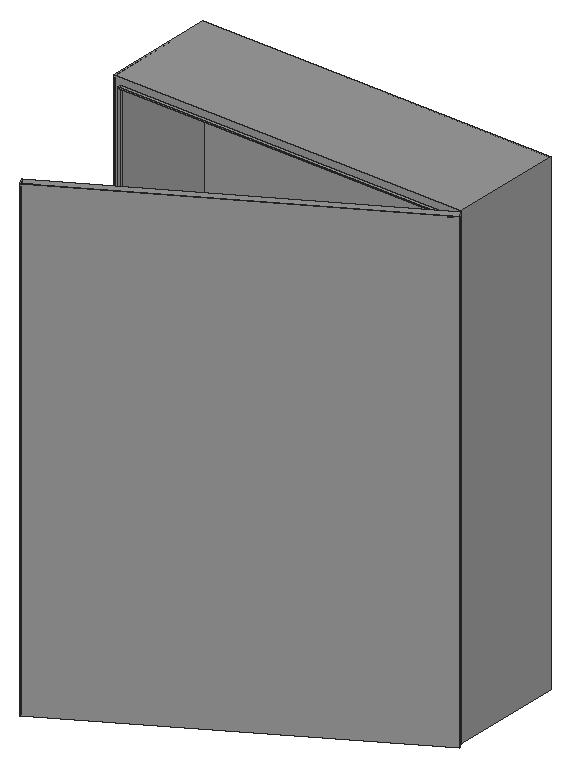
Revit family "Hager-Univers-IP55-D275-H1100-Cl.II-Steel_encl-NoHosted-PL-pl", category Electrical Equipment, Revit 2020
Family settings
  Panel Configuration = Two Columns, Circuits Across
  Round Connector Dimension = Use Diameter
  Part Type = Panelboard
  Work Plane-Based = Yes
  Always vertical = Yes
  Cut with Voids When Loaded = No
  Shared = No
  Room Calculation Point = No
Parameters (values of type "Montaż natynkowy IP55 S800 W1100 G275  - FR73S")
  Width Control [instance] = if([EF000008 - Szerokość] > Min Width, [EF000008 - Szerokość], Min Width)  # 800 mm
  Type Comments = [HG000003 - Zakres]  # "Univers"
  Thickness Door [instance] = if([EF009171 - Drzwi/pokrywa z materiału o wysokiej wytrzymałości mechanicznej] > 3 mm, 3 mm, [EF009171 - Drzwi/pokrywa z materiału o wysokiej wytrzymałości mechanicznej])  # 1.5 mm
  Seal Frame Offset [instance] = 17 mm  # constant formula
  Plinth Visibility [instance] = [HG000027 - Wysokość cokołu] > 0 mm  # no
  Min Width [instance] = 100 mm  # constant formula
  Min Depth [instance] = (2 * [EF009170 - Obudowa z materiału o wysokiej wytrzymałości mechanicznej]) + 1 mm  # 4 mm
  Min Height [instance] = 100 mm  # constant formula
  Internal Frame Depth [instance] = (Door System Depth * 0.5)  # 9 mm
  Panel Name [instance] = ""  # (empty or 0)
  Model = ""
  HG000027 - Wysokość cokołu = 0 mm
  HG000026 - Stojąca = no
  HG000024 - Wysokość części dolnej = 600 mm
  HG000023 - Obudowa dwusekcyjna = no
  HG000016 - Widoczność drzwi w widoku 3D [instance] = yes
  HG000015 - Przestrzeń robocza - otwarcie drzwi [instance] = no
  HG000014 - Drzwi prawe [instance] = yes
  HG000013 - Drzwi lewe [instance] = not([HG000014 - Drzwi prawe])  # no
  HG000012 - Kąt otwarcia drzwi [instance] = 30.00°
  HG000010 - Drzwi asymetryczne = no
  HG000009 - Drzwi dwuskrzydłowe = no
  HG000006 - Montaż podtynkowy = no
  HG000004 - Referencja producenta = "FR73S"
  HG000003 - Zakres = "Univers"
  HG000002 - Z drzwiami lub pokrywą = yes
  Frame Offset Bottom [instance] = 10 mm  # constant formula
  Frame Offset [instance] = 15 mm  # constant formula
  EF015940 - Pokrywa z wyzwalaczem nadciśnieniowym = no
  EF011959 - Stopień ochrony (NEMA) = ""
  EF009554 - Liczba otworów pod flansze = 6
  EF009212 - Wykonanie pokrywy = "EV000116 - Zamknięty"
  EF009171 - Drzwi/pokrywa z materiału o wysokiej wytrzymałości mechanicznej = 1.5 mm
  EF009170 - Obudowa z materiału o wysokiej wytrzymałości mechanicznej = 1.5 mm
  EF008873 - Prąd znamionowy (In) = 800 A
  EF007800 - Do ochrony odgromowej = no
  EF006306 - Z zamkiem = no
  EF006244 - Transparentna pokrywa/drzwi = no
  EF005474 - Stopień ochrony (IP) = "EV006420 - IP55"
  EF004464 - Rodzaj drzwi = "EV002646 - Pojedynczy"
  EF004427 - Liczba modułów = 252
  EF004293 - Odporność udarowa = "EV008784 - IK10"
  EF003532 - Do zastosowań zewnętrznych = no
  EF002950 - Szerokość wyrażona liczbą modułów = 24
  EF001613 - Podtrzymanie funkcji = "EV000494 - Brak"
  EF001596 - Materiał obudowy = "EV000179 - Stal"
  EF001131 - Głębokość wewnętrzna = 275 mm
  EF001088 - Możliwość rozbudowy = yes
  EF000437 - Liczba wejść kablowych = 6
  EF000339 - Rodzaj pokrywy = "EV004216 - Drzwi"
  EF000266 - Liczba rzędów = 7
  EF000218 - Głębokość wbudowania = 0 mm
  EF000118 - Z płytą montażową = no
  EF000116 - Numer RAL = "7035"
  EF000049 - Głębokość = 275 mm
  EF000040 - Wysokość = 1100 mm
  EF000008 - Szerokość = 800 mm
  EF000007 - Kolor = "EV000270 - Szary"
  EF000003 - Sposób montażu = "EV000384 - Montaż natynkowy"
  Door System Leaf Tolerance [instance] = 1.5 mm  # constant formula
  Door System Depth [instance] = 18 mm  # constant formula
  Door Height [instance] = Height Control - [HG000027 - Wysokość cokołu]  # 1100 mm
  Description = ""
  Default Elevation = 1219.2 mm
  Connector Offset [instance] = Height Control / 2  # 550 mm
  Manufacturer = "Hager"  # constant formula
  Height Control [instance] = if([EF000040 - Wysokość] > Min Height, [EF000040 - Wysokość], Min Height)  # 1100 mm
  Depth Control [instance] = if([EF000049 - Głębokość] > Min Depth, [EF000049 - Głębokość], Min Depth)  # 275 mm
  Bottom Top Plate Trim [instance] = 1.5 mm  # constant formula
  Plinth height Ctrl [instance] = if([HG000027 - Wysokość cokołu] > 0 mm, [HG000027 - Wysokość cokołu], 12 mm)  # 12 mm
Types (5, lengths in mm): name | Width Control | HG000010 - Drzwi asymetryczne | HG000009 - Drzwi dwuskrzydłowe | HG000004 - Referencja producenta | EF009554 - Liczba otworów pod flansze | EF004464 - Rodzaj drzwi | EF004427 - Liczba modułów | EF000437 - Liczba wejść kablowych | EF000008 - Szerokość
  Montaż natynkowy IP55 S1050 W1100 G275  - FR74S | 1050 | no | yes | "FR74S" | 8 | "EV003602 - Podwójny" | 336 | 8 | 1050
  Montaż natynkowy IP55 S1300 W1100 G275  - FR75S | 1300 | yes | yes | "FR75S" | 10 | "EV003602 - Podwójny" | 420 | 10 | 1300
  Montaż natynkowy IP55 S300 W1100 G275  - FR71S | 300 | no | no | "FR71S" | 2 | "EV002646 - Pojedynczy" | 84 | 2 | 300
  Montaż natynkowy IP55 S550 W1100 G275  - FR72S | 550 | no | no | "FR72S" | 4 | "EV002646 - Pojedynczy" | 168 | 4 | 550
  Montaż natynkowy IP55 S800 W1100 G275  - FR73S | 800 | no | no | "FR73S" | 6 | "EV002646 - Pojedynczy" | 252 | 6 | 800
Reference planes
  plane 1 "Center (Front/Back)": y = 0
  plane 2: z = 0
  plane 3 "Center (Left/Right)": x = 0
  plane 4: y = 0
  plane 5: y = 0
  plane 6: z = 0
  plane 7: x = -400
  plane 8: x = 400
  plane 9: x = 398.5
  plane 10: x = -398.5
  plane 11: z = 0
  plane 12: z = 1.5
  plane 13: y = -275
  plane 14: y = -1.5
  plane 15: x = 0
  plane 16: y = -257
  plane 17: y = -273.5
  plane 18: y = -255.5
  plane 19: x = -383.5
  plane 20: x = 383.5
  plane 21: z = 11.5
  plane 22: x = -383
  plane 23: x = 383
  plane 24: z = 0
  plane 25: z = 1100
  plane 26: z = 1100
  plane 27: z = 1083.5
  plane 28: z = 1098.5
Forms (mm)
  Extrusion 1, solid, material "Hager_Steel_RAL7035_Light_Grey", detail levels medium+fine
    sketch origin (-208.679, -4572, 0) x (-1, 0, 0) y (0, -1, 0)
      loop
        line (191.321, -4315) -> (-608.679, -4315) -> (-608.679, -4572) -> (191.321, -4572) -> (191.321, -4315)
    from 0 to 1100
  Extrusion 2, void
    sketch origin (-350.771, -275, 1219.2) x (1, 0, 0) y (0, 0, 1)
      loop
        line (-47.729, -120.7) -> (-47.729, -1217.7) -> (749.271, -1217.7) -> (749.271, -120.7) -> (-47.729, -120.7)
    from -19.5 to -273.5
  Extrusion 3, void
    sketch origin (-290.084, -257, 1219.2) x (1, 0, 0) y (0, 0, 1)
      loop
        line (-93.416, -1207.7) -> (673.584, -1207.7) -> (673.584, -135.7) -> (-93.416, -135.7) -> (-93.416, -1207.7)
    from 0 to -1.5
  Extrusion 4, solid, material "Hager_Steel_RAL7035_Light_Grey", visible <- "Plinth Visibility", detail levels medium+fine
    sketch origin (0, 0, 0) x (1, 0, 0) y (0, 1, 0)
      loop
        line (-400, 0) -> (-400, -257) -> (400, -257) -> (400, 0) -> (-400, 0)
    from 0 to 12 <- "Plinth height Ctrl"
  Extrusion 5, solid, material "Hager_Steel_RAL7035_Light_Grey", detail levels coarse
    sketch origin (0, 0, 0) x (1, 0, 0) y (0, 1, 0)
      loop
        line (-400, 0) -> (-400, -275) -> (400, -275) -> (400, 0) -> (-400, 0)
    from 0 to 1100 <- "Height Control"
  Sweep 6, void
    path in 3D
      loop
        line (-400, -257, 12) -> (400, -257, 12) -> (400, 0, 12) -> (-400, 0, 12) -> (-400, -257, 12)
    profile origin (-400, -128.5, 12) x (1, 0, 0) y (0, 0, 1)
      loop
        line (0, 0) -> (0, -1.5) -> (1.5, -1.5)
        arc (1.5, -1.5) -> (1.061, -0.439) -> (0, 0) r 1.5
  Extrusion 7, solid, material "Hager_Steel_RAL7035_Light_Grey", detail levels fine
    sketch origin (-400, -257, 0) x (1, 0, 0) y (0, 0, 1)
      loop
        line (16.5, 11.5) -> (783.5, 11.5) -> (783.5, 1083.5) -> (16.5, 1083.5) -> (16.5, 11.5)
      loop
        line (15, 10) -> (785, 10) -> (785, 1085) -> (15, 1085) -> (15, 10)
    from 0 to 9 <- "Internal Frame Depth"
Cuts and joins
  Extrusion 2, Extrusion 3 cuts Extrusion 1
  Sweep 6 cuts Extrusion 4
Lines and regions (mm)
  Masking region 1
    outline origin (0, 0, 0) x (1, 0, 0) y (0, 1, 0)
      loop
        line (-400, 0) -> (-400, -275) -> (400, -275) -> (400, 0) -> (-400, 0)
  Masking region 2, detail levels coarse
    outline origin (-290.084, -257, 1219.2) x (-1, 0, 0) y (0, 0, 1)
      loop
        line (-690.084, -1219.2) -> (109.916, -1219.2) -> (109.916, -119.2) -> (-690.084, -119.2) -> (-690.084, -1219.2)
  Masking region 3, detail levels coarse
    outline origin (0, 0, 0) x (0, 1, 0) y (0, 0, 1)
      loop
        line (0, 0) -> (0, 1100) -> (-275, 1100) -> (-275, 0) -> (0, 0)
  Masking region 4, visible <- "Plinth Visibility", detail levels medium+fine
    outline origin (0, 0, 0) x (0, 1, 0) y (0, 0, 1)
      loop
        line (-1.5, 12) -> (-255.5, 12)
        arc (-255.5, 12) -> (-255.939, 10.939) -> (-257, 10.5) r 1.5
        line (-257, 10.5) -> (-257, 0) -> (0, 0) -> (0, 10.5)
        arc (0, 10.5) -> (-1.061, 10.939) -> (-1.5, 12) r 1.5
  Masking region 5, detail levels medium+fine
    outline origin (0, 0, 594.038) x (0, 1, 0) y (0, 0, 1)
      loop
        line (0, -594.038) -> (0, 505.962) -> (-257, 505.962) -> (-257, -594.038) -> (0, -594.038)
  Masking region 6, detail levels medium+fine
    outline origin (-359.7, -257, 1211.883) x (-1, 0, 0) y (0, 0, 1)
      loop
        line (-759.7, -1211.883) -> (40.3, -1211.883) -> (40.3, -111.883) -> (-759.7, -111.883) -> (-759.7, -1211.883)
  Masking region 7, visible <- "Plinth Visibility", detail levels medium+fine
    outline origin (-320.334, -257, 1041.368) x (-1, 0, 0) y (0, 0, 1)
      loop
        line (-720.334, -1041.368) -> (79.666, -1041.368) -> (79.666, -1030.868)
        arc (79.666, -1030.868) -> (78.606, -1030.429) -> (78.166, -1029.368) r 1.5
        line (78.166, -1029.368) -> (-718.834, -1029.368)
        arc (-718.834, -1029.368) -> (-719.273, -1030.429) -> (-720.334, -1030.868) r 1.5
        line (-720.334, -1030.868) -> (-720.334, -1041.368)
  sketch lines
    curve 1: line (-400, 0, 12) -> (-400, -257, 12)
    curve 2: line (-400, -257, 12) -> (400, -257, 12)
    curve 3: line (400, 0, 12) -> (-400, 0, 12)
    curve 4: line (400, -257, 12) -> (400, 0, 12)
Dimensions and locks
  locked: plane 1 "Center (Front/Back)" to plane 5
  "EF009170 - Obudowa z materiału o wysokiej wytrzymałości mechanicznej": plane 7 to plane 10
  "EF009170 - Obudowa z materiału o wysokiej wytrzymałości mechanicznej": plane 8 to plane 9
  equal spacing: plane 7, plane 3 "Center (Left/Right)", plane 8
  "Width Control": plane 7 to plane 8
  "Depth Control": plane 4 to plane 13
  "EF009170 - Obudowa z materiału o wysokiej wytrzymałości mechanicznej": plane 4 to plane 14
  "Height Control": plane 25 to level
  "HG000027 - Wysokość cokołu": plane 11 to level
  "EF009170 - Obudowa z materiału o wysokiej wytrzymałości mechanicznej": plane 12 to plane 11
  "EF009170 - Obudowa z materiału o wysokiej wytrzymałości mechanicznej": plane 17 to plane 13
  "EF009170 - Obudowa z materiału o wysokiej wytrzymałości mechanicznej": plane 18 to plane 16
  "Frame Offset Bottom": plane 21 to plane 12
  "Frame Offset": plane 10 to plane 19
  "Frame Offset": plane 9 to plane 20
  "Door System Depth": plane 16 to plane 13
  "Seal Frame Offset": plane 7 to plane 22
  "Seal Frame Offset": plane 8 to plane 23
  "EF009170 - Obudowa z materiału o wysokiej wytrzymałości mechanicznej": plane 26 to plane 28
  "Frame Offset": plane 28 to plane 27
  "Connector Offset": plane 2 to connector elem
  "Bottom Top Plate Trim": profile plane to Sweep 6 sketch curve
  "Bottom Top Plate Trim": Sweep 6 sketch curve to Sweep 6 sketch curve
  "Plinth height Ctrl": Masking region 4 sketch curve to level
  "Plinth height Ctrl": Masking region 7 sketch curve to level
  "Thickness Door": Extrusion 7 sketch curve to Extrusion 7 sketch curve  (x4)
  "Bottom Top Plate Trim": radius of Sweep 6 sketch curve
  "Bottom Top Plate Trim": radius of Masking region 4 sketch curve  (x2)
  "Bottom Top Plate Trim": radius of Masking region 7 sketch curve  (x2)
  aligned and locked: Extrusion 2 sketch curve to plane 12
  aligned and locked: Extrusion 2 sketch curve to plane 9
  aligned and locked: Extrusion 2 sketch curve to plane 10
  aligned and locked: Extrusion 2 to plane 14
  aligned and locked: Extrusion 1 sketch curve to plane 4
  aligned and locked: plane 8 to Extrusion 1 sketch curve
  aligned and locked: plane 7 to Extrusion 1 sketch curve
  aligned and locked: Extrusion 2 to plane 18
  aligned and locked: Extrusion 3 sketch curve to plane 19
  aligned and locked: plane 20 to Extrusion 3 sketch curve
  aligned and locked: Extrusion 3 to Extrusion 2
  aligned and locked: Extrusion 3 sketch curve to plane 21
  aligned and locked: plane 3 "Center (Left/Right)" to nested 1
  aligned and locked: Extrusion 1 sketch curve to plane 16
  aligned and locked: Extrusion 4 sketch curve to cut or joined group of Extrusion 1, Extrusion 2, Extrusion 3
  aligned and locked: Masking region 1 sketch curve to plane 7
  aligned and locked: Masking region 1 sketch curve to plane 5
  aligned and locked: Masking region 1 sketch curve to plane 8
  aligned and locked: Masking region 2 sketch curve to level
  aligned and locked: level to Masking region 3 sketch curve
  aligned and locked: plane 1 "Center (Front/Back)" to Masking region 3 sketch curve
  aligned and locked: plane 13 to Masking region 3 sketch curve
  aligned and locked: plane 5 to Masking region 4 sketch curve
  aligned and locked: Masking region 2 sketch curve to plane 8
  aligned and locked: Masking region 2 sketch curve to plane 7
  aligned and locked: plane 7 to nested 2
  aligned and locked: nested 2 to plane 5
  aligned and locked: plane 5 to Masking region 5 sketch curve
  aligned and locked: plane 26 to Masking region 5 sketch curve
  aligned and locked: Extrusion 5 sketch curve to plane 8
  aligned and locked: Extrusion 5 sketch curve to plane 7
  aligned and locked: Extrusion 5 sketch curve to plane 5
  aligned and locked: Extrusion 3 sketch curve to plane 27
  aligned and locked: Extrusion 2 sketch curve to plane 28
  aligned and locked: Masking region 2 to plane 25
  aligned and locked: Extrusion 4 to plane 16
  aligned and locked: profile plane to Sweep 6 sketch curve
  aligned and locked: Masking region 5 sketch curve to plane 24
  aligned and locked: level to Masking region 4 sketch curve
  aligned and locked: Masking region 1 to plane 13
  aligned and locked: nested 1 to plane 16
  aligned and locked: Masking region 3 to plane 25
  aligned and locked: plane 16 to Masking region 4 sketch curve
  aligned and locked: Masking region 5 sketch curve to plane 16
  aligned and locked: plane 24 to plane 11
  aligned and locked: plane 26 to plane 25
  aligned and locked: plane 26 to cut or joined group of Extrusion 1, Extrusion 2, Extrusion 3
  aligned and locked: nested 1 to plane 24
  aligned and locked: Extrusion 1 to Extrusion 3
  aligned and locked: Masking region 6 sketch curve to plane 8
  aligned and locked: Masking region 6 sketch curve to plane 24
  aligned and locked: Masking region 6 sketch curve to plane 7
  aligned and locked: Masking region 6 sketch curve to plane 26
  aligned and locked: Masking region 7 sketch curve to plane 7
  aligned and locked: level to Masking region 7 sketch curve
  aligned and locked: Masking region 7 sketch curve to plane 8
  aligned and locked: Extrusion 7 sketch curve to cut or joined group of Extrusion 1, Extrusion 2, Extrusion 3  (x4)
Automatic sketch dimensions
  plane 19 to Extrusion 3 sketch curve = 0 mm
  Extrusion 3 sketch curve to plane 20 = 0 mm
  Extrusion 3 sketch curve to plane 21 = 0 mm
  Extrusion 4 sketch curve to plane 7 = 0 mm
  Extrusion 4 sketch curve to plane 8 = 0 mm
  Extrusion 4 sketch curve to plane 16 = 0 mm
  Masking region 1 sketch curve to plane 13 = 0 mm
  Masking region 2 sketch curve to plane 25 = 0 mm
  Masking region 3 sketch curve to plane 25 = 0 mm
  Extrusion 5 sketch curve to plane 13 = 0 mm
  profile plane to Sweep 6 sketch curve = 0 mm
Nested families
  nested 1: "EC000058_Univers_Door" at (0, -257, 0), Double <- "HG000009 - Drzwi dwuskrzydłowe", Transparent <- "EF006244 - Transparentna pokrywa/drzwi", Angle <- "HG000012 - Kąt otwarcia drzwi", Door_Right <- "HG000014 - Drzwi prawe", Assymetrical <- "HG000010 - Drzwi asymetryczne", Door <- "HG000002 - Z drzwiami lub pokrywą", Width_Ctrl <- "Width Control", 3d_Door <- "HG000016 - Widoczność drzwi w widoku 3D", Clearance <- "HG000015 - Przestrzeń robocza - otwarcie drzwi", Door_Left <- "HG000013 - Drzwi lewe", Width <- "Width Control", Door_Depth <- "Door System Depth", Leaf_Tolerance <- "Door System Leaf Tolerance", Height <- "Door Height", Lock_Visibility <- "EF006306 - Z zamkiem", Thickness <- "Thickness Door", type "EC000058_Univers_Door", detail levels medium+fine
    with min_wh 4 mm, Width_Ctrl 800 mm, Width 800 mm, Transparent no, Thickness 1.5 mm, Seal_Material Hager_Rubber, Lock_Visibility no, Lock_Material Hager_Plastic_RAL9005_Jet_Black, Leaf_Width 800 mm, Leaf_Tolerance_External_Sides 0 mm, Leaf_Tolerance 1.5 mm, Leaf_Offset 0 mm, Leaf_Height 1097 mm, Leaf_2_Width 800 mm, Leaf_2_Offset 400 mm, Leaf_1_Width 800 mm, Leaf_1_Offset 400 mm, Height_Ctrl 1100 mm, Height 1100 mm, Glass_Material Hager_Glass, Double_Clearance_Ctrl no, Double no, Door_Right_Ctrl yes, Door_Right yes, Door_Material Hager_Steel_RAL7035_Light_Grey, Door_Left_Ctrl no, Door_Left no, Door_Depth 18 mm, Door yes, Clearance_Material Hager_Clearance, Clearance_Depth 800 mm, Clearance_Ctrl no, Clearance no, Assymetrical no, Angle 30.00°, 3d_Door yes
  nested 2: "Hager_Enclosure_Symbol" at (-400, 0, 0), Height <- "Depth Control", Width <- "Width Control", type "Hager_Enclosure_Symbol"
    with Width_Ctrl 800 mm, Width 800 mm, Height_Ctrl 275 mm, Height 275 mm, A_Width_Int 18.047 mm, A_Width 216.562 mm, A_Height_Ctrl 240.625 mm, A_Height 240.625 mm
Connectors
  electrical at (0, 0, 550)
    settings: on plane 1 "Center (Front/Back)", index 1, voltage 0 V, apparent load 0 VA, apparent load phase1 0 VA, apparent load phase2 0 VA, apparent load phase3 0 VA, power factor 1, load classification "Other", number of poles 1, system type 30, power factor state 1, is connector primary yes, connector utility no, sub classification motor no, connector description ""
Definition of nested family "EC000058_Univers_Door"
  Parameters (values of type "EC000058_Univers_Door")
    min_wh [instance] = (2 * Thickness) + 1 mm  # 11 mm
    Width_Ctrl [instance] = 400 mm
    Width [instance] = 500 mm
    Transparent [instance] = yes
    Thickness [instance] = 5 mm
    Seal_Material [instance] = none
    Lock_Visibility [instance] = yes
    Lock_Material [instance] = none
    Leaf_Width [instance] = if((Width_Ctrl - 2 * Leaf_Tolerance_External_Sides) > 0 mm, (Width_Ctrl - 2 * Leaf_Tolerance_External_Sides), min_wh)  # 400 mm
    Leaf_Tolerance_External_Sides [instance] = 0 mm  # constant formula
    Leaf_Tolerance [instance] = 1.5 mm
    Leaf_Offset [instance] = 0 mm  # constant formula
    Leaf_Height [instance] = if((Height_Ctrl - 2 * Leaf_Tolerance) > 0 mm, (Height_Ctrl - 2 * Leaf_Tolerance), min_wh)  # 497 mm
    Leaf_2_Width [instance] = if(and(and(Double, Assymetrical), Door_Left), (Leaf_Width / 3) - (Leaf_Tolerance / 2), if(and(and(Double, Assymetrical), Door_Right), (Leaf_Width / 3) * 2 - (Leaf_Tolerance / 2), if(and(Double, not(Assymetrical)), (Leaf_Width / 2) - Leaf_Tolerance, Leaf_Width)))  # 400 mm
    Leaf_2_Offset [instance] = if(and(Double, Assymetrical), Leaf_2_Width / 2, if(and(Double, not(Assymetrical)), Leaf_Width / 4, Leaf_Width / 2))  # 200 mm
    Leaf_1_Width [instance] = if(and(and(Double, Assymetrical), Door_Right), (Leaf_Width / 3) - (Leaf_Tolerance / 2), if(and(and(Double, Assymetrical), Door_Left), (Width / 3) * 2 - (Leaf_Tolerance / 2), if(and(Double, not(Assymetrical)), (Leaf_Width / 2) - Leaf_Tolerance, Leaf_Width)))  # 400 mm
    Leaf_1_Offset [instance] = if(and(Double, Assymetrical), Leaf_1_Width / 2, if(and(Double, not(Assymetrical)), Leaf_Width / 4, Leaf_Width / 2))  # 200 mm
    Height_Ctrl [instance] = if(Height > min_wh, Height, min_wh)  # 500 mm
    Height [instance] = 500 mm
    Glass_Material [instance] = none
    Double_Clearance_Ctrl [instance] = and(Double, Clearance)  # no
    Double [instance] = no
    Door_Right_Ctrl [instance] = and(or(Door_Right, Double), Door)  # yes
    Door_Right [instance] = yes
    Door_Material [instance] = none
    Door_Left_Ctrl [instance] = and(or(Door_Left, Double), Door)  # no
    Door_Left [instance] = no
    Door_Depth [instance] = 30 mm
    Door [instance] = yes
    Default Elevation = 1219.2 mm
    Clearance_Material [instance] = none
    Clearance_Depth [instance] = if(Leaf_1_Width > Leaf_2_Width, Leaf_1_Width, Leaf_2_Width)  # 400 mm
    Clearance_Ctrl [instance] = and(not(Double), Clearance)  # yes
    Clearance [instance] = yes
    Assymetrical [instance] = yes
    Angle [instance] = 30.00°
    3d_Door [instance] = yes
  Reference planes
    plane 1 "Center (Front/Back)": y = 0
    plane 2 "Bottom": z = 0
    plane 3 "Center (Left/Right)": x = 0
    plane 4: z = 500
    plane 5: x = -200
    plane 6: x = 200
    plane 7: z = 500
    plane 8: x = -200
    plane 9: z = 0
    plane 10: x = 200
    plane 11: y = 0
    plane 12: z = 1.5
    plane 13: x = -600
    plane 14: y = -400
    plane 15: x = 600
    plane 16: x = 0
    plane 17: x = 0
    plane 18: x = -200
    plane 19: x = 200
    plane 20: z = 498.5
  Forms (mm)
    Extrusion 1, solid, material <- "Clearance_Material", visible <- "Double_Clearance_Ctrl"
      sketch origin (1200, 0, 0) x (1, 0, 0) y (0, 0, -1)
        loop
          line (-1800, -498.5) -> (-600, -498.5) -> (-600, 0) -> (-1800, 0) -> (-1800, -498.5)
      from 0 to -400
  Dimensions and locks
    equal spacing: plane 5, plane 3 "Center (Left/Right)", plane 6
    "Width_Ctrl": plane 5 to plane 6
    "Leaf_Offset": plane 5 to plane 8
    "Leaf_Offset": plane 6 to plane 10
    "Leaf_Offset": plane 9 to level
    "Leaf_Offset": plane 4 to plane 7
    "Height_Ctrl": plane 4 to level
    "Leaf_Tolerance": plane 12 to plane 9
    locked: plane 11 to plane 1 "Center (Front/Back)"
    "Leaf_1_Offset": plane 18 to plane 16
    "Leaf_2_Offset": plane 17 to plane 19
    "Leaf_1_Width": plane 13 to plane 8
    "Leaf_2_Width": plane 10 to plane 15
    "Clearance_Depth": plane 14 to plane 1 "Center (Front/Back)"
    "Leaf_Tolerance_External_Sides": plane 8 to plane 18
    "Leaf_Tolerance_External_Sides": plane 19 to plane 10
    "Leaf_Tolerance": plane 7 to plane 20
    aligned and locked: level to plane 2 "Bottom"
    aligned and locked: nested 1 to plane 16
    aligned and locked: nested 2 to plane 17
    aligned and locked: Extrusion 1 to plane 13
    aligned and locked: plane 15 to Extrusion 1
    aligned and locked: Extrusion 1 to plane 14
    aligned and locked: plane 12 to nested 1
    aligned and locked: nested 2 to plane 12
    aligned and locked: Extrusion 1 to plane 11
    aligned and locked: plane 20 to Extrusion 1
    aligned and locked: nested 2 to plane 11
    aligned and locked: nested 1 to plane 11
  Automatic sketch dimensions
    Extrusion 1 sketch curve to level = 0 mm
    plane 5 to Extrusion 1 sketch curve = 400 mm
    plane 6 to Extrusion 1 sketch curve = 400 mm
    Extrusion 1 sketch curve to plane 4 = 1.5 mm
  Nested families
    nested 1: "EC000058_Univers_Door_Leaf" at (0, 0, 1.5), Width <- "Leaf_1_Width", visible <- "Door_Left_Ctrl", Leaf_Height <- "Leaf_Height", Angle <- "Angle", 3d_Door <- "3d_Door", Transparent <- "Transparent", Clearance Material <- "Clearance_Material", Clearance <- "Clearance_Ctrl", Door_Material <- "Door_Material", Glass_Material <- "Glass_Material", Door_Depth <- "Door_Depth", Lock_Material <- "Lock_Material", Seal_Material <- "Seal_Material", Lock_Visibility <- "Lock_Visibility", Thickness <- "Thickness", type "EC000058_Univers_Door_Leaf"
      with Width 400 mm, Transparent_Glass_Offset 30 mm, Transparent_Ctrl yes, Transparent yes, Thickness 5 mm, Standard no, Seal_Material none, Seal_D2 8 mm, Seal_D1 1 mm, Offset_Internal_Frame 10 mm, Lock_Width 20 mm, Lock_Visibility_3d yes, Lock_Visibility yes, Lock_Thickness_3 3 mm, Lock_Thickness_2 1 mm, Lock_Thickness_1 3 mm, Lock_Radius_Offset_2 16 mm, Lock_Radius_Offset_1 15 mm, Lock_Radius_2 5 mm, Lock_Radius 6 mm, Lock_Offset 5 mm, Lock_Material none, Lock_Height 80 mm, Lock_Cover_Top_Offset_2d 17 mm, Lock_Cover_Height -65 mm, Leaf_Height 497 mm, Internal_Seal_Thickness 8 mm, Internal_Seal_Depth_2 4.5 mm, Internal_Frame_Depth 25 mm, Glass_Thickness -1 mm, Glass_Offset -2 mm, Glass_Material none, Door_Material none, Door_Depth 30 mm, Clearance Material none, Clearance yes, Angle_Ctrl 30.00°, Angle 30.00°, 3d_Door yes
    nested 2: "EC000058_Univers_Door_Leaf" at (0, 0, 1.5) x (-1, 0, 0) z (0, 0, 1), Width <- "Leaf_2_Width", visible <- "Door_Right_Ctrl", Leaf_Height <- "Leaf_Height", Angle <- "Angle", 3d_Door <- "3d_Door", Transparent <- "Transparent", Clearance Material <- "Clearance_Material", Clearance <- "Clearance_Ctrl", Door_Material <- "Door_Material", Glass_Material <- "Glass_Material", Door_Depth <- "Door_Depth", Lock_Material <- "Lock_Material", Seal_Material <- "Seal_Material", Lock_Visibility <- "Lock_Visibility", Thickness <- "Thickness", type "EC000058_Univers_Door_Leaf"
      with Width 400 mm, Transparent_Glass_Offset 30 mm, Transparent_Ctrl yes, Transparent yes, Thickness 5 mm, Standard no, Seal_Material none, Seal_D2 8 mm, Seal_D1 1 mm, Offset_Internal_Frame 10 mm, Lock_Width 20 mm, Lock_Visibility_3d yes, Lock_Visibility yes, Lock_Thickness_3 3 mm, Lock_Thickness_2 1 mm, Lock_Thickness_1 3 mm, Lock_Radius_Offset_2 16 mm, Lock_Radius_Offset_1 15 mm, Lock_Radius_2 5 mm, Lock_Radius 6 mm, Lock_Offset 5 mm, Lock_Material none, Lock_Height 80 mm, Lock_Cover_Top_Offset_2d 17 mm, Lock_Cover_Height -65 mm, Leaf_Height 497 mm, Internal_Seal_Thickness 8 mm, Internal_Seal_Depth_2 4.5 mm, Internal_Frame_Depth 25 mm, Glass_Thickness -1 mm, Glass_Offset -2 mm, Glass_Material none, Door_Material none, Door_Depth 30 mm, Clearance Material none, Clearance yes, Angle_Ctrl 30.00°, Angle 30.00°, 3d_Door yes
  Definition of nested family "EC000058_Univers_Door_Leaf"
    Parameters (values of type "EC000058_Univers_Door_Leaf")
      Width [instance] = 2000 mm
      Transparent_Glass_Offset [instance] = 30 mm
      Transparent_Ctrl [instance] = and(Transparent, [3d_Door])  # yes
      Transparent [instance] = yes
      Thickness [instance] = 5 mm
      Standard [instance] = and(not(Transparent), [3d_Door])  # no
      Seal_Material [instance] = none
      Seal_D2 [instance] = 8 mm  # constant formula
      Seal_D1 [instance] = 1 mm  # constant formula
      Offset_Internal_Frame [instance] = 10 mm  # constant formula
      Lock_Width [instance] = 20 mm  # constant formula
      Lock_Visibility_3d [instance] = and(Lock_Visibility, [3d_Door])  # yes
      Lock_Visibility [instance] = yes
      Lock_Thickness_3 [instance] = 3 mm  # constant formula
      Lock_Thickness_2 [instance] = 1 mm  # constant formula
      Lock_Thickness_1 [instance] = 3 mm  # constant formula
      Lock_Radius_Offset_2 [instance] = Lock_Radius_Offset_1 + 1 mm  # 16 mm
      Lock_Radius_Offset_1 [instance] = 15 mm  # constant formula
      Lock_Radius_2 [instance] = Lock_Radius - 1 mm  # 5 mm
      Lock_Radius [instance] = 6 mm  # constant formula
      Lock_Offset [instance] = 5 mm  # constant formula
      Lock_Material [instance] = none
      Lock_Height [instance] = 80 mm  # constant formula
      Lock_Cover_Top_Offset_2d [instance] = Lock_Radius_Offset_2 + 1 mm  # 17 mm
      Lock_Cover_Height [instance] = -(Lock_Height - Lock_Radius_Offset_1)  # -65 mm
      Leaf_Height [instance] = 2720.336 mm
      Internal_Seal_Thickness [instance] = 8 mm  # constant formula
      Internal_Seal_Depth_2 [instance] = 4.5 mm  # constant formula
      Internal_Frame_Depth [instance] = if(Door_Depth - Thickness > 5 mm, Door_Depth - Thickness, 5 mm)  # 25 mm
      Glass_Thickness [instance] = if(Thickness > 15 mm, Glass_Offset + 10 mm, -1 mm)  # -1 mm
      Glass_Offset [instance] = if(Thickness > 15 mm, -(Thickness + 10 mm) / 2, -2 mm)  # -2 mm
      Glass_Material [instance] = none
      Door_Material [instance] = none
      Door_Depth [instance] = 30 mm
      Default Elevation = 0 mm
      Clearance Material [instance] = none
      Clearance [instance] = yes
      Angle_Ctrl [instance] = if(Angle > 180.00°, 180.00°, Angle)  # 90.00°
      Angle [instance] = 90.00°
      3d_Door [instance] = yes
    Reference planes
      plane 1 "Center (Front/Back)": y = 0
      plane 2: z = 0
      plane 3 "Center (Left/Right)": x = 0
      plane 4: y = 2000
      plane 5: x = -1000
      plane 6: x = 1000
      plane 7: x = -3000
      plane 8: z = 2720.336
      plane 9: z = 30
      plane 10: z = 2690.336
      plane 11: x = 970
      plane 12: x = -970
      plane 13: y = -3
      plane 14: z = 107.833
      plane 15: y = -5
      plane 16: y = -223.314
      plane 17: x = -1000
      plane 18: z = 1360.168
      plane 19: y = 30
    Forms (mm)
      Extrusion 1, solid, material <- "Clearance Material", visible <- "Clearance"
        sketch origin (0, 0, 0) x (1, 0, 0) y (0, 0, 1)
          loop
            line (-3000, 2720.336) -> (-3000, 0) -> (1000, 0) -> (1000, 2720.336) -> (-3000, 2720.336)
        from 0 to -2000
      Extrusion 2, solid, material <- "Door_Material", visible <- "Standard", detail levels medium+fine
        sketch origin (-1000, 0, 0) x (0, 1, 0) y (-1, 0, 0)
          loop
            line (0, 30) -> (0, 25) -> (2000, 25) -> (2000, 30) -> (0, 30)
        from 0 to 2720.336 <- "Leaf_Height"
      Extrusion 3, solid, material <- "Door_Material", visible <- "Transparent_Ctrl", detail levels medium+fine
        sketch origin (-1000, 0, 0) x (0, 1, 0) y (-1, 0, 0)
          loop
            line (0, 25) -> (2000, 25) -> (2000, 30) -> (0, 30) -> (0, 25)
        from 0 to 2720.336 <- "Leaf_Height"
      Extrusion 4, void
        sketch origin (-1025, 2000, 0) x (0, 1, 0) y (0, 0, -1)
          loop
            line (-30, -2690.336) -> (-30, -30) -> (-1970, -30) -> (-1970, -2690.336) -> (-30, -2690.336)
        from 0 to 5 <- "Thickness"
      Sweep 5, solid, material <- "Seal_Material", visible <- "Transparent_Ctrl", detail levels fine
        path in 3D
          loop
            line (-1025, 30, 30) -> (-1025, 30, 2690.336) -> (-1025, 1970, 2690.336) -> (-1025, 1970, 30) -> (-1025, 30, 30)
        profile origin (-1025, 1000, 30) x (1, 0, 0) y (0, 0, 1)
          loop
            line (0, 0) -> (0, -8) -> (1, -8) -> (1, 0) -> (0, 0)
      Extrusion 6, solid, material <- "Glass_Material", visible <- "Transparent_Ctrl", detail levels medium+fine
        sketch origin (-1030, 0, 0) x (0, 1, 0) y (0, 0, -1)
          loop
            line (1970, -2690.336) -> (1970, -30) -> (30, -30) -> (30, -2690.336) -> (1970, -2690.336)
        from -2 <- "Glass_Offset" to -1 <- "Glass_Thickness"
      Extrusion 7, solid, material <- "Door_Material", visible <- "3d_Door", detail levels medium+fine
        sketch origin (-1025, 2000, 0) x (0, -1, 0) y (0, 0, -1)
          loop
            line (0, -2720.336) -> (2000, -2720.336) -> (2000, 0) -> (0, 0) -> (0, -2720.336)
          loop
            line (1995, -5) -> (5, -5) -> (5, -2715.336) -> (1995, -2715.336) -> (1995, -5)
        from 0 to 25 <- "Internal_Frame_Depth"
      Sweep 8, solid, material <- "Seal_Material", visible <- "Transparent_Ctrl", detail levels fine
        path in 3D
          loop
            line (-1025, 0, 0) -> (-1025, 2000, 0) -> (-1025, 2000, 2720.336) -> (-1025, 0, 2720.336) -> (-1025, 0, 0)
        profile origin (-1025, 0, 1360.168) x (1, 0, 0) y (0, 1, 0)
          loop
            line (0, 10) -> (2.975, 10)
            arc (2.975, 10) -> (4.053, 10.447) -> (4.5, 11.525) r 1.525
            line (4.5, 11.525) -> (4.5, 16.527)
            arc (4.5, 16.527) -> (4.069, 17.569) -> (3.027, 18) r 1.473
            line (3.027, 18) -> (0, 18) -> (0, 10)
      Extrusion 9, solid, material <- "Lock_Material", visible <- "Lock_Visibility_3d", detail levels fine
        sketch origin (-1030, 0, 0) x (0, 1, 0) y (0, 0, -1)
          loop
            arc (1993.5, -1400.168) -> (1994.561, -1399.729) -> (1995, -1398.668) r 1.5
            line (1995, -1398.668) -> (1995, -1320.168) -> (1975, -1320.168) -> (1975, -1398.668)
            arc (1975, -1398.668) -> (1975.439, -1399.729) -> (1976.5, -1400.168) r 1.5
            line (1976.5, -1400.168) -> (1993.5, -1400.168)
        from 3 <- "Lock_Thickness_1" to 0
      Blend 10, solid, material <- "Lock_Material", visible <- "Lock_Visibility_3d", detail levels fine
        base sketch origin (-1033, 0, 0) x (0, 1, 0) y (0, 0, -1)
          loop
            line (1975, -1320.168) -> (1975, -1398.668)
            arc (1975, -1398.668) -> (1975.439, -1399.729) -> (1976.5, -1400.168) r 1.5
            line (1976.5, -1400.168) -> (1993.5, -1400.168)
            arc (1993.5, -1400.168) -> (1994.561, -1399.729) -> (1995, -1398.668) r 1.5
            line (1995, -1398.668) -> (1995, -1320.168) -> (1975, -1320.168)
        top sketch origin (-1033, 0, 0) x (0, 1, 0) y (0, 0, -1)
          loop
            line (1976, -1320.168) -> (1976, -1398.668)
            arc (1976, -1398.668) -> (1976.146, -1399.022) -> (1976.5, -1399.168) r 0.5
            line (1976.5, -1399.168) -> (1993.5, -1399.168)
            arc (1993.5, -1399.168) -> (1993.854, -1399.022) -> (1994, -1398.668) r 0.5
            line (1994, -1398.668) -> (1994, -1320.168) -> (1976, -1320.168)
        from 0 to 1 <- "Lock_Thickness_2"
      Blend 11, solid, material <- "Lock_Material", visible <- "Lock_Visibility_3d", detail levels fine
        base sketch origin (-1034, 0, 0) x (0, 1, 0) y (0, 0, -1)
          loop
            line (1978, -1320.168) -> (1978, -1384.168)
            arc (1978, -1384.168) -> (1985, -1391.168) -> (1992, -1384.168) r 7
            line (1992, -1384.168) -> (1992, -1320.168) -> (1978, -1320.168)
        top sketch origin (-1034, 0, 0) x (0, 1, 0) y (0, 0, -1)
          loop
            line (1991, -1320.168) -> (1979, -1320.168) -> (1979, -1383.168)
            arc (1979, -1383.168) -> (1985, -1389.168) -> (1991, -1383.168) r 6
            line (1991, -1383.168) -> (1991, -1320.168)
        from 0 to 3 <- "Lock_Thickness_3"
      Extrusion 12, solid, material <- "Lock_Material", visible <- "Lock_Visibility_3d", detail levels fine
        sketch origin (-1030, 1975, 1320.168) x (1, 0, 0) y (0, -1, 0)
          loop
            line (-7, -19) -> (-7, -1) -> (0, -1) -> (0, 0) -> (-8, 0) -> (-8, -20) -> (0, -20) -> (0, -19) -> (-7, -19)
        from 0 to -65 <- "Lock_Cover_Height"
      Extrusion 13, void
        sketch origin (-1038, 1995, 1320.168) x (-1, 0, 0) y (0, 0, -1)
          loop
            line (-5, -65) -> (0, -65) -> (-5, -60) -> (-5, -65)
        from 0 to 20 <- "Lock_Width"
      Extrusion 14, void
        sketch origin (-1038, 1975, 1320.168) x (0, -1, 0) y (0, 0, -1)
          loop
            circle (-10, -15.995) r 6
          loop
            circle (-10, -15.995) r 5
        from 0 to 2
      Extrusion 15, solid, material <- "Lock_Material", visible <- "Lock_Visibility_3d", detail levels medium
        sketch origin (-1030, 0, 0) x (0, 1, 0) y (0, 0, -1)
          loop
            arc (1993.5, -1400.168) -> (1994.561, -1399.729) -> (1995, -1398.668) r 1.5
            line (1995, -1398.668) -> (1995, -1320.168) -> (1975, -1320.168) -> (1975, -1398.668)
            arc (1975, -1398.668) -> (1975.439, -1399.729) -> (1976.5, -1400.168) r 1.5
            line (1976.5, -1400.168) -> (1993.5, -1400.168)
        from 8 to 0
    Cuts and joins
      Extrusion 4 cuts Extrusion 3
      Extrusion 13, Extrusion 14 cuts Extrusion 9
      Extrusion 14 cuts Blend 11
      Extrusion 13, Extrusion 14 cuts Extrusion 12
      joined: Extrusion 9, Blend 10, Blend 11, Extrusion 12
      Extrusion 14 cuts Extrusion 15
    Lines and regions (mm)
      Masking region 1, visible <- "Lock_Visibility", detail levels fine
        outline origin (0, 0, 0) x (0, 1, 0) y (0, 0, 1)
          loop
            line (30, 1320.168) -> (33, 1320.168) -> (33, 1400.168) -> (30, 1400.168) -> (30, 1320.168)
      Masking region 2, visible <- "Lock_Visibility", detail levels fine
        outline origin (0, 3.143, 0) x (0, 1, 0) y (0, 0, 1)
          loop
            line (29.857, 1354.168) -> (30.857, 1354.168) -> (30.857, 1366.168) -> (29.857, 1366.168) -> (29.857, 1354.168)
      Masking region 3, detail levels medium+fine
        outline origin (0, 0, 0) x (0, 1, 0) y (0, 0, 1)
          loop
            line (0, 0) -> (30, 0) -> (30, 2720.336) -> (0, 2720.336) -> (0, 0)
      Masking region 4, detail levels medium+fine
        outline origin (0, 0, 0) x (1, 0, 0) y (0, 0, 1)
          loop
            line (-1000, 2720.336) -> (-1000, 0) -> (1000, 0) -> (1000, 2720.336) -> (-1000, 2720.336)
      Masking region 5, visible <- "Lock_Visibility", detail levels fine
        outline origin (-47.116, 0, 0) x (1, 0, 0) y (0, 0, 1)
          loop
            arc (1024.616, 1399.168) -> (1023.556, 1398.729) -> (1023.116, 1397.668) r 1.5
            line (1023.116, 1397.668) -> (1023.116, 1320.168) -> (1041.116, 1320.168) -> (1041.116, 1397.668)
            arc (1041.116, 1397.668) -> (1040.677, 1398.729) -> (1039.616, 1399.168) r 1.5
            line (1039.616, 1399.168) -> (1024.616, 1399.168)
      Masking region 6, visible <- "Lock_Visibility", detail levels medium+fine
        outline origin (-25, 0, 0) x (1, 0, 0) y (0, 0, 1)
          loop
            arc (1001.5, 1400.168) -> (1000.439, 1399.729) -> (1000, 1398.668) r 1.5
            line (1000, 1398.668) -> (1000, 1320.168) -> (1020, 1320.168) -> (1020, 1398.668)
            arc (1020, 1398.668) -> (1019.561, 1399.729) -> (1018.5, 1400.168) r 1.5
            line (1018.5, 1400.168) -> (1001.5, 1400.168)
      Masking region 7, visible <- "Lock_Visibility", detail levels fine
        outline origin (-73.735, 0, 0) x (1, 0, 0) y (0, 0, 1)
          loop
            line (1051.735, 1382.168) -> (1065.735, 1382.168) -> (1065.735, 1384.168)
            arc (1065.735, 1384.168) -> (1058.735, 1391.168) -> (1051.735, 1384.168) r 7
            line (1051.735, 1384.168) -> (1051.735, 1382.168)
      Masking region 8, visible <- "Lock_Visibility", detail levels fine
        outline origin (-73.735, 0, 0) x (1, 0, 0) y (0, 0, 1)
          loop
            line (1052.735, 1382.168) -> (1064.735, 1382.168) -> (1064.735, 1383.168)
            arc (1064.735, 1383.168) -> (1058.735, 1389.168) -> (1052.735, 1383.168) r 6
            line (1052.735, 1383.168) -> (1052.735, 1382.168)
      Masking region 9, visible <- "Lock_Visibility", detail levels fine
        outline origin (-25, 0, 0) x (1, 0, 0) y (0, 0, 1)
          loop
            line (1020, 1320.168) -> (1020, 1382.168) -> (1000, 1382.168) -> (1000, 1320.168) -> (1020, 1320.168)
      Masking region 10, detail levels medium+fine
        outline origin (0, 0, 0) x (1, 0, 0) y (0, 0, 1)
          loop
            circle (985, 1335.144) r 6
      Masking region 11, detail levels fine
        outline origin (0, 0, 0) x (1, 0, 0) y (0, 0, 1)
          loop
            circle (985, 1335.144) r 5
      Masking region 12, visible <- "Lock_Visibility", detail levels fine
        outline origin (0, 12.767, 0) x (0, 1, 0) y (0, 0, 1)
          loop
            line (20.233, 1320.168) -> (21.233, 1320.168) -> (21.233, 1399.168) -> (20.233, 1400.168) -> (20.233, 1320.168)
      Masking region 13, visible <- "Lock_Visibility", detail levels fine
        outline origin (0, 13.767, -10) x (0, 1, 0) y (0, 0, 1)
          loop
            line (20.233, 1330.168) -> (23.233, 1330.168) -> (23.233, 1399.168) -> (20.233, 1402.168) -> (20.233, 1330.168)
      Masking region 14, visible <- "Lock_Visibility", detail levels fine
        outline origin (0, 12.767, -10) x (0, 1, 0) y (0, 0, 1)
          loop
            line (20.233, 1330.168) -> (25.233, 1330.168) -> (25.233, 1399.305) -> (20.233, 1394.305) -> (20.233, 1330.168)
      Masking region 15, visible <- "Lock_Visibility", detail levels medium
        outline origin (0, 0, 0) x (0, 1, 0) y (0, 0, 1)
          loop
            line (30, 1320.168) -> (38, 1320.168) -> (38, 1400.168) -> (30, 1400.168) -> (30, 1320.168)
      Masking region 16, visible <- "Lock_Visibility", detail levels fine
        outline origin (-1000, 0, 0) x (0, 1, 0) y (-1, 0, 0)
          loop
            line (1975, 30) -> (1995, 30) -> (1995, 38) -> (1975, 38) -> (1975, 30)
          loop
            line (1979, 37) -> (1976, 37) -> (1976, 34) -> (1978, 34) -> (1979, 37)
          loop
            line (1994, 37) -> (1991, 37) -> (1992, 34) -> (1994, 34) -> (1994, 37)
      Masking region 17, visible <- "Lock_Visibility", detail levels medium
        outline origin (-1000, 0, 0) x (0, 1, 0) y (-1, 0, 0)
          loop
            line (1975, 30) -> (1995, 30) -> (1995, 38) -> (1975, 38) -> (1975, 30)
      symbolic lines
        curve 1: line (1000, 0, 0) -> (-3000, 0, 0)
        curve 2: arc (1000, 0, 0) -> (-1000, 2000, 0) -> (-3000, 0, 0) r 2000
        curve 4: line (-1030, 0, 0) -> (-1030, 2000, 0)
      reference lines
        curve 3: line (-1000, 0, 0) -> (-1000, 2000, 0)
      symbolic lines, detail levels medium+fine
        curve 5: line (-1030, 2000, 0) -> (-1025, 2000, 0)
        curve 7: line (-1025, 0, 0) -> (-1030, 0, 0)
        curve 8: line (-1025, 0, 0) -> (-1000, 0, 0)
        curve 9: line (-1000, 0, 0) -> (-1000, 2000, 0)
        curve 10: line (-1000, 2000, 0) -> (-1025, 2000, 0)
      symbolic lines, detail levels fine
        curve 6: line (-1025, 2000, 0) -> (-1025, 0, 0)
      sketch lines
        curve 11: line (-1025, 0, 2720.336) -> (-1025, 0, 0)
        curve 12: line (-1025, 2000, 0) -> (-1025, 0, 0)
        curve 13: line (-1025, 2000, 2720.336) -> (-1025, 2000, 0)
        curve 14: line (-1025, 0, 2720.336) -> (-1025, 2000, 2720.336)
        curve 15: line (-1025, 1970, 30) -> (-1025, 30, 30)
        curve 16: line (-1025, 30, 30) -> (-1025, 30, 2690.336)
        curve 17: line (-1025, 1970, 2690.336) -> (-1025, 1970, 30)
        curve 18: line (-1025, 30, 2690.336) -> (-1025, 1970, 2690.336)
      symbolic lines, visible <- "Transparent", detail levels medium+fine
        curve 19: line (-970, 0, 2690.336) -> (970, 0, 2690.336)
        curve 20: line (-970, 0, 30) -> (-970, 0, 2690.336)
        curve 21: line (970, 0, 30) -> (-970, 0, 30)
        curve 22: line (970, 0, 2690.336) -> (970, 0, 30)
    Dimensions and locks
      "Width": plane 1 "Center (Front/Back)" to plane 4
      equal spacing: plane 5, plane 3 "Center (Left/Right)", plane 6
      "Width": plane 5 to plane 6
      "Width": plane 7 to plane 5
      "Leaf_Height": plane 8 to level
      "Width": curve 5 to curve 3
      "Width": curve 3 to curve 3
      plane 8 to plane 10 = 30 mm
      plane 9 to level = 30 mm
      plane 12 to plane 5 = 30 mm
      plane 6 to plane 11 = 30 mm
      Extrusion 1 to Extrusion 4 sketch curve = 30 mm
      "Transparent_Glass_Offset": curve 3 to Extrusion 4 sketch curve
      "Transparent_Glass_Offset": Extrusion 4 sketch curve to cut or joined group of Extrusion 3, Extrusion 4  (x2)
      cut or joined group of Extrusion 3, Extrusion 4 to Extrusion 6 sketch curve = 30 mm
      "Transparent_Glass_Offset": cut or joined group of Extrusion 3, Extrusion 4 to Extrusion 4 sketch curve
      "Thickness": curve 6 to curve 4
      "Thickness": Extrusion 7 sketch curve to Extrusion 7 sketch curve  (x4)
      "Door_Depth": curve 4 to curve 3
      "Offset_Internal_Frame": profile plane to Sweep 8 sketch curve
      "Internal_Seal_Thickness": Sweep 8 sketch curve to Sweep 8 sketch curve
      "Internal_Seal_Depth_2": profile plane to Sweep 8 sketch curve
      "Seal_D1": profile plane to Sweep 5 sketch curve
      "Seal_D2": profile plane to Sweep 5 sketch curve
      "Thickness": Extrusion 2 sketch curve to Extrusion 2 sketch curve
      equal spacing: Extrusion 9 sketch curve, plane 18, Extrusion 9 sketch curve  (x2)
      equal spacing: Masking region 1 sketch curve, plane 18, Masking region 1 sketch curve
      "Lock_Height": Masking region 1 sketch curve to Masking region 1 sketch curve
      "Lock_Radius": Masking region 2 sketch curve to plane 18 to Masking region 2 sketch curve
      Masking region 2 sketch curve to Masking region 1 = 1 mm
      "Door_Depth": plane 19 to plane 1 "Center (Front/Back)"
      "Lock_Thickness_1": Masking region 1 sketch curve to plane 19
      "Lock_Width": Extrusion 9 sketch curve to Extrusion 9 sketch curve
      "Lock_Height": Extrusion 9 sketch curve to Extrusion 9 sketch curve
      "Lock_Offset": cut or joined group of Extrusion 3, Extrusion 4 to Extrusion 9 sketch curve
      equal spacing: plane 8, plane 18, level
      "Lock_Radius_Offset_1": Blend 11 sketch curve to Blend 10
      locked: Blend 10 to Blend 11 sketch curve at 2  (x2)
      locked: var sketch to Blend 11 sketch curve at 1  (x2)
      "Lock_Radius_Offset_2": Blend 11 sketch curve to Blend 10
      locked: Extrusion 12 sketch curve to Extrusion 12 sketch curve at 1  (x3)
      Masking region 6 sketch curve to Masking region 6 sketch curve = 80 mm
      "Lock_Height": Masking region 6 sketch curve to Masking region 6 sketch curve
      "Lock_Width": Masking region 6 sketch curve to Masking region 6 sketch curve
      locked: Masking region 6 to Masking region 5 sketch curve at 1  (x3)
      locked: Masking region 5 to Masking region 7 sketch curve at 2  (x2)
      "Lock_Radius_Offset_1": Masking region 5 to Masking region 7 sketch curve
      "Lock_Radius_Offset_2": Masking region 5 to Masking region 8 sketch curve
      locked: Masking region 7 to Masking region 8 sketch curve at 1  (x2)
      "Lock_Cover_Top_Offset_2d": Masking region 5 to Masking region 9 sketch curve
      equal spacing: Masking region 9, Masking region 10 sketch curve, Masking region 9
      equal spacing: Masking region 9, Masking region 11 sketch curve, Masking region 9
      Extrusion 15 sketch curve to Extrusion 15 sketch curve = 80 mm
      "Lock_Width": Extrusion 15 sketch curve to Extrusion 15 sketch curve
      "Lock_Height": Extrusion 15 sketch curve to Extrusion 15 sketch curve
      equal spacing: Extrusion 15 sketch curve, plane 18, Extrusion 15 sketch curve
      "Lock_Thickness_3": Masking region 13 sketch curve to Masking region 13 sketch curve
      "Lock_Height": Masking region 12 sketch curve to Masking region 12 sketch curve
      locked: Masking region 13 sketch curve to Masking region 1 at 8
      locked: Masking region 14 sketch curve to Masking region 13 at 1
      locked: Masking region 14 sketch curve to Masking region 1 at 10.863
      "Lock_Height": Masking region 15 sketch curve to Masking region 15 sketch curve
      "Lock_Offset": Extrusion 15 sketch curve to cut or joined group of Extrusion 3, Extrusion 4
      "Lock_Offset": plane 6 to Masking region 6 sketch curve
      radius of Sweep 8 sketch curve = 1.525 mm
      radius of Sweep 8 sketch curve = 1.473 mm
      radius of Extrusion 9 sketch curve = 1.5 mm  (x2)
      "Lock_Radius": radius of Extrusion 14 sketch curve
      "Lock_Radius_2": radius of Extrusion 14 sketch curve
      "Lock_Radius": radius of Masking region 10 sketch curve
      "Lock_Radius_2": radius of Masking region 11 sketch curve
      radius of Extrusion 15 sketch curve = 1.5 mm  (x2)
      "Angle_Ctrl": angle plane 1 "Center (Front/Back)" to curve 3
      locked: Masking region 12 sketch curve to Masking region 12 sketch curve (angle 45.00°)
      locked: Masking region 13 sketch curve to Masking region 13 sketch curve (angle 45.00°)
      locked: Masking region 14 sketch curve to Masking region 14 sketch curve (angle 45.00°)
      aligned and locked: level to plane 2
      aligned and locked: Extrusion 1 to curve 1
      aligned and locked: plane 6 to Extrusion 1
      aligned and locked: Extrusion 1 to plane 1 "Center (Front/Back)"
      aligned and locked: plane 4 to Extrusion 1
      aligned and locked: plane 8 to Extrusion 1
      aligned and locked: curve 7 to Extrusion 2 sketch curve
      aligned and locked: curve 5 to Extrusion 2 sketch curve
      aligned and locked: curve 7 to Extrusion 3 sketch curve
      aligned and locked: Extrusion 3 sketch curve to curve 4
      aligned and locked: Extrusion 3 sketch curve to curve 6
      aligned and locked: Extrusion 3 sketch curve to curve 5
      aligned and locked: curve 9 to curve 3
      aligned and locked: Extrusion 7 sketch curve to cut or joined group of Extrusion 3, Extrusion 4  (x4)
      aligned and locked: plane 17 to curve 3
      aligned and locked: plane 1 "Center (Front/Back)" to curve 3
      aligned and locked: plane 17 to plane 5
      aligned and locked: Sweep 8 sketch curve to profile plane
      aligned and locked: Sweep 5 sketch curve to profile plane  (x2)
      aligned and locked: Masking region 1 to Masking region 2 sketch curve
      aligned and locked: plane 19 to Masking region 1 sketch curve
      aligned and locked: plane 1 "Center (Front/Back)" to Masking region 3 sketch curve
      aligned and locked: plane 19 to Masking region 3 sketch curve
      aligned and locked: level to Masking region 3 sketch curve
      aligned and locked: Masking region 3 sketch curve to plane 8
      aligned and locked: plane 17 to Masking region 4 sketch curve
      aligned and locked: level to Masking region 4 sketch curve
      aligned and locked: Masking region 4 sketch curve to plane 8
      aligned and locked: plane 12 to curve 20
      aligned and locked: plane 10 to curve 19
      aligned and locked: plane 11 to curve 22
      aligned and locked: curve 21 to plane 9
      aligned and locked: Extrusion 2 sketch curve to cut or joined group of Extrusion 3, Extrusion 4
      aligned and locked: Blend 10 sketch curve to Extrusion 9  (x4)
      aligned and locked: Extrusion 9 to Blend 10 sketch curve
      aligned and locked: Blend 10 to Blend 11 sketch curve
      aligned and locked: Extrusion 12 sketch curve to Blend 11
      aligned and locked: Extrusion 12 sketch curve to Extrusion 9  (x4)
      aligned and locked: Masking region 5 sketch curve to Masking region 6
      aligned and locked: Masking region 9 sketch curve to Masking region 6  (x3)
      aligned and locked: Masking region 12 sketch curve to Masking region 1
      aligned and locked: Masking region 13 sketch curve to Masking region 1
      aligned and locked: Masking region 12 to Masking region 14
      aligned and locked: Masking region 14 sketch curve to Masking region 1
      aligned and locked: Masking region 15 sketch curve to Masking region 14
      aligned and locked: Masking region 13 sketch curve to Masking region 12
      aligned and locked: Masking region 16 sketch curve to cut or joined group of Extrusion 14, Extrusion 15  (x4)
      aligned and locked: Masking region 16 sketch curve to cut or joined group of Extrusion 9, Blend 10, Blend 11, Extrusion 12, Extrusion 13, Extrusion 14  (x6)
      aligned and locked: cut or joined group of Extrusion 9, Blend 10, Blend 11, Extrusion 12, Extrusion 13, Extrusion 14 to Masking region 16 sketch curve
      aligned and locked: Masking region 17 sketch curve to cut or joined group of Extrusion 14, Extrusion 15  (x3)
      aligned and locked: Masking region 17 sketch curve to cut or joined group of Extrusion 9, Blend 10, Blend 11, Extrusion 12, Extrusion 13, Extrusion 14
      aligned and locked: Masking region 9 to Masking region 8 sketch curve
      aligned and locked: Masking region 9 to Masking region 7 sketch curve
    Automatic sketch dimensions
      plane 1 "Center (Front/Back)" to curve 2 = 0 mm
      curve 2 to plane 5 = 0 mm
      Extrusion 1 sketch curve to level = 0 mm
      Extrusion 1 sketch curve to plane 7 = 0 mm
      Extrusion 1 sketch curve to plane 6 = 0 mm
      Extrusion 1 sketch curve to plane 8 = 0 mm
      Extrusion 3 to Extrusion 6 sketch curve = 30 mm  (x4)
      Masking region 4 sketch curve to plane 6 = 0 mm
      Blend 10 sketch curve to Extrusion 9 = 1.5 mm
      Blend 10 sketch curve to Extrusion 9 = 1 mm
      Extrusion 13 sketch curve to Extrusion 12 = 0 mm  (x2)
      Extrusion 12 to Extrusion 13 sketch curve = 3 mm
      Extrusion 13 sketch curve to Extrusion 12 = 5 mm
      Extrusion 14 sketch curve to Extrusion 14 sketch curve = 0 mm  (x2)
      Extrusion 14 sketch curve to Extrusion 12 = 10 mm
      Extrusion 14 sketch curve to Extrusion 12 = 15.995 mm
      Masking region 5 sketch curve to Masking region 5 sketch curve = 1.5 mm  (x2)
      Masking region 10 sketch curve to plane 18 = 25.024 mm
      Masking region 11 sketch curve to plane 18 = 25.024 mm
      plane 19 to Masking region 14 sketch curve = 3 mm
      Masking region 16 sketch curve to Masking region 16 sketch curve = 3 mm
      curve 4 to curve 3 = 0 mm
      Blend 10 to Blend 11 sketch curve = 0 mm
      Masking region 6 sketch curve to Masking region 6 sketch curve = 1.5 mm  (x2)
      Masking region 6 sketch curve to plane 18 = 40 mm
      plane 19 to Masking region 12 sketch curve = 3 mm
      Masking region 12 sketch curve to Masking region 12 sketch curve = 1 mm
      Masking region 15 sketch curve to plane 19 = 0 mm
      Masking region 15 sketch curve to plane 18 = 40 mm
      radius of Blend 10 sketch curve to Extrusion 9 = 1 mm
Definition of nested family "Hager_Enclosure_Symbol"
  Parameters (values of type "Hager_Enclosure_Symbol")
    Width_Ctrl [instance] = if(Width > 1 mm, Width, 1 mm)  # 102.27 mm
    Width [instance] = 102.27 mm
    Height_Ctrl [instance] = if(Height > 1 mm, Height, 1 mm)  # 66.5 mm
    A_Width_Int [instance] = if(A_Width / 12 > 2 mm, A_Width / 12, 2 mm)  # 4.364 mm
    A_Width [instance] = if(A_Height_Ctrl * 0.9 > 2 mm, A_Height_Ctrl * 0.9, 2 mm)  # 52.369 mm
    A_Height_Ctrl [instance] = if(A_Height > 2 mm, A_Height, 2 mm)  # 58.188 mm
    Height [instance] = 66.5 mm
    A_Height [instance] = Height - (Height / 8)  # 58.188 mm
  Reference planes
    plane 1 "Centre (avant/arrière)": y = 0
    plane 2: z = 0
    plane 3 "Centre (gauche/droite)": x = 0
    plane 4: x = 52.369
    plane 5: y = 33.042
    plane 6: y = 41.77
    plane 7: y = 66.5
    plane 8: x = 26.184
    plane 9: y = 37.406
    plane 10: x = 102.27
    plane 11: y = 66.5
    plane 12: y = 8.313
  Lines and regions (mm)
    Filled region 1, type "Solid_Black", in view "Niveau de réf."
      outline origin (0, 0, 0) x (1, 0, 0) y (0, 1, 0)
        loop
          line (52.369, 66.5) -> (33.188, 54.536) -> (45.365, 45.006) -> (52.369, 66.5)
    Filled region 2, type "Solid_Black", in view "Niveau de réf."
      outline origin (0, 0, 0) x (1, 0, 0) y (0, 1, 0)
        loop
          line (0, 0) -> (102.27, 0) -> (102.27, 66.5) -> (0, 0)
    detail lines, in view "Niveau de réf."
      curve 1: line (0, 8.313, 0) -> (26.184, 41.77, 0)
      curve 2: line (26.184, 41.77, 0) -> (26.184, 33.042, 0)
      curve 3: line (26.184, 33.042, 0) -> (52.369, 66.5, 0)
  Dimensions and locks
    "A_Width": plane 3 "Centre (gauche/droite)" to plane 4
    equal spacing: plane 3 "Centre (gauche/droite)", plane 8, plane 4
    equal spacing: plane 6, plane 9, plane 5
    equal spacing: curve 3, Filled region 1 sketch curve, Filled region 1 sketch curve
    "Height_Ctrl": plane 1 "Centre (avant/arrière)" to plane 11
    "A_Height_Ctrl": plane 11 to plane 12
    equal spacing: plane 11, plane 9, plane 12
    "A_Width_Int": plane 6 to plane 9
    "Width_Ctrl": plane 3 "Centre (gauche/droite)" to plane 10
    angle Filled region 1 sketch curve to curve 3 = 20.00°
    angle curve 3 to Filled region 1 sketch curve = 20.00°
    locked: curve 3 to Filled region 1 sketch curve (angle 90.00°)
    aligned and locked: plane 10 to Filled region 2
    aligned and locked: plane 11 to Filled region 2 sketch curve
    aligned and locked: plane 10 to Filled region 2 sketch curve
    aligned and locked: plane 3 "Centre (gauche/droite)" to curve 1
    aligned and locked: plane 12 to curve 1
    aligned and locked: plane 7 to plane 11
  Automatic sketch dimensions
    Filled region 1 sketch curve to plane 4 = 0 mm
    Filled region 1 sketch curve to plane 7 = 0 mm
    plane 1 "Centre (avant/arrière)" to Filled region 2 sketch curve = 0 mm
    Filled region 2 sketch curve to plane 3 "Centre (gauche/droite)" = 0 mm
    curve 2 to plane 6 = 0 mm
    curve 2 to plane 8 = 0 mm
    curve 3 to plane 4 = 0 mm
    curve 2 to plane 5 = 0 mm
    curve 3 to plane 7 = 0 mm
